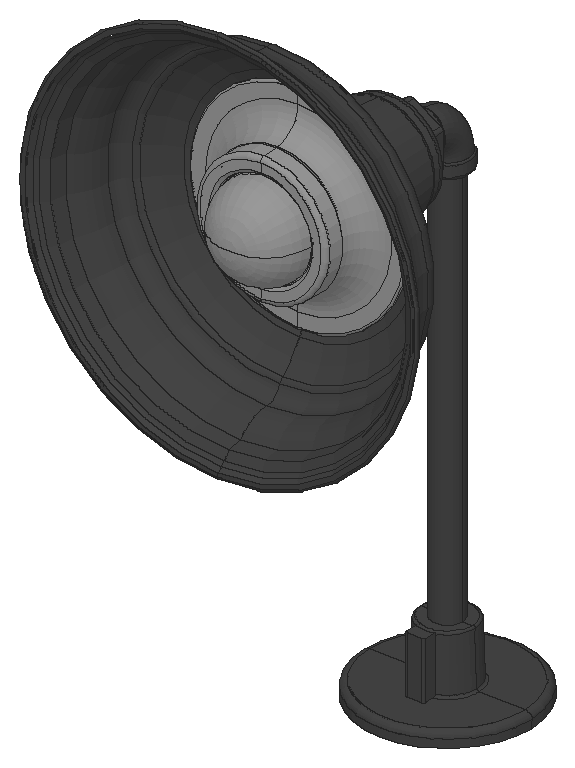
Revit family "BLE-G-WHB-G3-LED", category Lighting Fixtures, host Face, Revit 2022
Family settings
  Host = Face
  Round Connector Dimension = Use Diameter
  Part Type = Normal
  Cut with Voids When Loaded = No
  Light Source = Yes
  Maintain Annotation Orientation = No
  Shared = No
  Room Calculation Point = No
Parameters (values of type "11" Dome")
  Wattage = 5.72229 W
  built-in parameter 1150110 = 1 (stored number, unit not read)
  built-in parameter 1114217 = 1 (stored number, unit not read)
  Tilt Angle = 0.00°
  built-in parameter 1150109 = 1 (stored number, unit not read)
  built-in parameter 1150134 = (empty or 0)
  built-in parameter 1150113 = 1 (stored number, unit not read)
  Heat Sink 9" = no
  Heat Sink 6" = yes
  Heat Sink = 0' - 4 243/256"
  Gooseneck Material = 100 - Black
  Shade Material = 100 - Black
  Photometric Web File = "generic"
  built-in parameter 1150142 = (empty or 0)
  built-in parameter 1150105 = 67.641 (stored number, unit not read)
  Lumens = 850 lm
  built-in parameter 1150115 = 1 (stored number, unit not read)
  built-in parameter 1150137 = (empty or 0)
  built-in parameter 1150139 = (empty or 0)
  built-in parameter 1150112 = 1 (stored number, unit not read)
  built-in parameter 1150114 = 1 (stored number, unit not read)
  built-in parameter 1150132 = 2
  built-in parameter 1150102 = (empty or 0)
  built-in parameter 1150107 = 3000 (stored number, unit not read)
  built-in parameter 1150138 = (empty or 0)
  built-in parameter 1150106 = 0.67641 (stored number, unit not read)
  Flat = no
  built-in parameter 1150104 = 13.8 (stored number, unit not read)
  Dome = yes
  Dimming Lamp Color Temperature Shift = <None>
  Default Elevation = 4' - 0"
  Color Filter = 16777215
  Base Material = 100 - Black
  built-in parameter 1114218 = 1 (stored number, unit not read)
  built-in parameter 1150133 = 10 (stored number, unit not read)
  17" = no
  15" = no
  13" = no
  11" = yes
Reference planes (in)
  plane 1 "Center (Front/Back)": y = 0
  plane 2: z = 0
  plane 3 "Center (Left/Right)": x = 0
Lines and regions (in)
  reference lines
    curve 1: line (0, -4.94922, 19.86275) -> (0, -4.94922, 8.86275)
    curve 2: line (0, 36, 0) -> (0, -37, 0)
    curve 3: line (-38, 0, 0) -> (35, 0, 0)
Dimensions and locks (in)
  "Heat Sink": plane 1 "Center (Front/Back)" to curve 1
  imposter light to host face = 1' - 2.295"
  locked: curve 1 to imposter light at 1
  aligned and locked: plane 2 to host face
  aligned and locked: level to host face
  aligned and locked: plane 3 "Center (Left/Right)" to nested 1
  aligned and locked: plane 1 "Center (Front/Back)" to nested 1
  aligned and locked: nested 4 to imposter light
  aligned and locked: nested 5 to imposter light
  aligned and locked: nested 7 to imposter light
  aligned and locked: nested 3 to imposter light
  aligned and locked: nested 3 to plane 3 "Center (Left/Right)"
  aligned and locked: plane 1 "Center (Front/Back)" to curve 3
  aligned and locked: curve 2 to plane 3 "Center (Left/Right)"
  aligned and locked: imposter light to nested 6
  aligned and locked: plane 3 "Center (Left/Right)" to nested 6
  aligned and locked: nested 8 to imposter light
Automatic sketch dimensions
  host sketch curve to host sketch curve = 8' - 0"  (x2)
  curve 3 to plane 3 "Center (Left/Right)" = 3' - 2"
  plane 3 "Center (Left/Right)" to curve 3 = 2' - 11"
  plane 1 "Center (Front/Back)" to curve 2 = 3' - 1"
  curve 2 to plane 1 "Center (Front/Back)" = 3' - 0"
  level to curve 1 = 0' - 8.86275"
  curve 1 to curve 1 = 0' - 11"
Nested families (in)
  nested 1: "WBP-7501" at (0, 0, 0), type "WBP-7501"
  nested 2: "G3" at (0, 0, 1.975), type "G3"
  nested 3: "WHB Shade" at (0, -1.85818, 14.295) x (0, 0, -1) z (0, -1, 0), type "WHS Shade"
    with 8" no, 6" no, 17" no, 15" no, 13" no
  nested 4: "103264" at (0, -4.94922, 14.295) x (0, 0, -1) z (0, -1, 0), type "103264"
    with Heat Sink 9" no
  nested 5: "ACR-0306" at (0, -6.19926, 14.295) x (1, 0, 0) z (0, -1, 0), type "ACR-0306"
    with Flat no, Dome yes
  nested 6: "RNG-0007" at (0, -6.28036, 14.295) x (0, 0, 1) z (0, -1, 0), type "RNG-0007"
  nested 7: "CPL-0004" at (-0.03035, -1.208, 14.295) x (0, 0, -1) z (0, -1, 0), type "CPL-0004"
  nested 8: "103805" at (0, -4.94922, 14.295) x (0, 0, -1) z (0, -1, 0), type "103805"
Connectors (in)
  electrical at (0, 0, 0)
    settings: index 1, voltage 0 V, apparent load 0 VA, apparent load phase1 0 VA, apparent load phase2 0 VA, apparent load phase3 0 VA, power factor 1, load classification "Other", number of poles 1, system type 31, power factor state 1, is connector primary yes, connector utility no, sub classification motor no, connector description ""
Definition of nested family "WBP-7501"
  Parameters (values of type "WBP-7501")
    Default Elevation = 3' - 0"
    Base Material = none
  Reference planes (in)
    plane 1 "Center (Front/Back)": y = 0
    plane 2: z = 0
    plane 3 "Center (Left/Right)": x = 0
    plane 4 "Base Dia": x = -2.325
    plane 5 "Base Height": z = 0.4
    plane 6 "Fillet Radius": z = 0.225
    plane 7: z = 0.458
    plane 8: x = -0.87
    plane 9: x = -0.81
    plane 10: x = -0.76
    plane 11: z = 1.917
    plane 12: z = 1.975
    plane 13: x = -0.7
    plane 14: x = -0.2595
    plane 15: x = 0.2595
    plane 16: y = -1.135
  Forms (in)
    Extrusion 1, solid
      sketch origin (0, 0, 0) x (1, 0, 0) y (0, 1, 0)
        loop
          line (-48, 48) -> (-48, -48) -> (48, -48) -> (48, 48) -> (-48, 48)
      from 0 to -12
    Revolve 2, solid, material <- "Base Material"
      sketch origin (0, 0, 0) x (1, 0, 0) y (0, 0, 1)
        loop
          line (0, 0) -> (0, 1.975) -> (-0.7, 1.975)
          arc (-0.7, 1.975) -> (-0.74172, 1.95814) -> (-0.76, 1.91702) r 0.06003
          line (-0.76, 1.91702) -> (-0.81, 0.458)
          arc (-0.81, 0.458) -> (-0.82699, 0.41699) -> (-0.868, 0.4) r 0.058
          line (-0.868, 0.4) -> (-2.15, 0.4)
          arc (-2.15, 0.4) -> (-2.27374, 0.34874) -> (-2.325, 0.225) r 0.175
          line (-2.325, 0.225) -> (-2.325, 0) -> (0, 0)
        axis (0, 0) -> (0, 1.975)
      angle from 0 to 360
    Extrusion 3, solid, material <- "Base Material"
      sketch origin (0, 0, 0) x (1, 0, 0) y (0, 1, 0)
        loop
          line (-0.2595, -0.76731) -> (-0.2595, -1.075)
          arc (-0.2595, -1.075) -> (-0.24193, -1.11743) -> (-0.1995, -1.135) r 0.06
          line (-0.1995, -1.135) -> (0.1995, -1.135)
          arc (0.1995, -1.135) -> (0.24193, -1.11743) -> (0.2595, -1.075) r 0.06
          line (0.2595, -1.075) -> (0.2595, -0.76731)
          arc (0.2595, -0.76731) -> (0, -0.81) -> (-0.2595, -0.76731) r 0.81
      from 0 to 1.975
  Cuts and joins
    joined: Revolve 2, Extrusion 3
  Dimensions and locks (in)
    plane 4 "Base Dia" to plane 3 "Center (Left/Right)" = 0' - 2.325"
    locked: plane 5 "Base Height" to Extrusion 1 at 0.4
    locked: plane 3 "Center (Left/Right)" to plane 4 "Base Dia" at 2.325
    locked: plane 5 "Base Height" to plane 6 "Fillet Radius" at 0.175
    locked: plane 3 "Center (Left/Right)" to plane 9 at 0.81
    locked: plane 3 "Center (Left/Right)" to plane 8 at 0.87
    locked: plane 3 "Center (Left/Right)" to plane 10 at 0.76
    locked: plane 3 "Center (Left/Right)" to plane 13 at 0.7
    locked: plane 11 to plane 5 "Base Height" at 1.517
    locked: plane 12 to plane 5 "Base Height" at 1.575
    locked: plane 7 to plane 5 "Base Height" at 0.058
    locked: plane 14 to plane 3 "Center (Left/Right)" at 0.2595
    locked: plane 3 "Center (Left/Right)" to plane 15 at 0.2595
    locked: plane 16 to plane 1 "Center (Front/Back)" at 1.135
    radius of Revolve 2 sketch curve = 0' - 0.175"
    aligned and locked: plane 2 to Extrusion 1
    aligned and locked: level to Extrusion 1
    aligned and locked: Revolve 2 sketch curve to plane 5 "Base Height"
    aligned and locked: plane 9 to Revolve 2 sketch curve
    aligned and locked: plane 3 "Center (Left/Right)" to Revolve 2 sketch curve
    aligned and locked: plane 15 to Extrusion 3 sketch curve
    aligned and locked: Extrusion 3 sketch curve to plane 16
    aligned and locked: Extrusion 3 sketch curve to plane 14
  Automatic sketch dimensions
    Extrusion 1 sketch curve to Extrusion 1 sketch curve = 8' - 0"  (x2)
    Revolve 2 sketch curve to level = 0' - 0"
    Revolve 2 sketch curve to plane 4 "Base Dia" = 0' - 0"
    Revolve 2 sketch curve to plane 7 = 0' - 0"  (x2)
    plane 10 to Revolve 2 sketch curve = 0' - 0"
    Revolve 2 sketch curve to plane 12 = 0' - 0"
    Revolve 2 sketch curve to plane 13 = 0' - 0"
    Revolve 2 sketch curve to plane 3 "Center (Left/Right)" = 0' - 0"
    Revolve 2 sketch curve to Revolve 2 sketch curve = 0' - 0.22742"
    Revolve 2 sketch curve to Revolve 2 sketch curve = 0' - 1.76377"
    plane 1 "Center (Front/Back)" to Extrusion 3 sketch curve = 0' - 0"
    Extrusion 3 sketch curve to plane 3 "Center (Left/Right)" = 0' - 0"
    plane 14 to Extrusion 3 sketch curve = 0' - 0.06"
    Extrusion 3 sketch curve to plane 15 = 0' - 0.06"
    Extrusion 3 sketch curve to Extrusion 3 sketch curve = 0' - 0.30769"
Definition of nested family "G3"
  Parameters (values of type "G3")
    Gooseneck Material = none
    Default Elevation = 2' - 0"
  Types (2): name
    G3
    G1
  Reference planes (in)
    plane 1 "Center (Front/Back)": y = 0
    plane 2: z = 0
    plane 3 "Center (Left/Right)": x = 0
    plane 4 "Wood Height": z = 0
    plane 5: z = 12.32
  Forms (in)
    Extrusion 1, solid
      sketch origin (0, 0, 0) x (1, 0, 0) y (0, 1, 0)
        loop
          line (-48, 48) -> (-48, -48) -> (48, -48) -> (48, 48) -> (-48, 48)
      from 0 to -12
  Dimensions and locks (in)
    aligned and locked: plane 2 to Extrusion 1
    aligned and locked: level to Extrusion 1
    aligned and locked: Extrusion 1 to plane 4 "Wood Height"
    aligned and locked: plane 3 "Center (Left/Right)" to nested 1
    aligned and locked: plane 1 "Center (Front/Back)" to nested 1
    aligned and locked: nested 2 to plane 3 "Center (Left/Right)"
    aligned and locked: nested 2 to plane 1 "Center (Front/Back)"
  Nested families (in)
    nested 1: "GNK-5003" at (0, 0, 0), type "GNK-5003"
    nested 2: "APF-500X" at (0, 0, 11.112) x (-1, 0, 0) z (0, 0, 1), type "APF-500X"
  Definition of nested family "GNK-5003"
    Parameters (values of type "GNK-5003")
      Gooseneck Material = none
      Default Elevation = 2' - 0"
    Reference planes (in)
      plane 1 "Center (Front/Back)": y = 0
      plane 2: z = 0
      plane 3 "Center (Left/Right)": x = 0
      plane 4 "Wood Height": z = 0
      plane 5: y = 0.42
      plane 6: z = 11.112
    Forms (in)
      Extrusion 1, solid
        sketch origin (0, 0, 0) x (1, 0, 0) y (0, 1, 0)
          loop
            line (-48, 48) -> (-48, -48) -> (48, -48) -> (48, 48) -> (-48, 48)
        from 0 to -12
      Extrusion 2, solid, material <- "Gooseneck Material"
        sketch origin (0, 0, 0) x (1, 0, 0) y (0, 1, 0)
          loop
            circle (0, 0) r 0.42
        from 0 to 11.112
    Dimensions and locks (in)
      plane 5 to plane 1 "Center (Front/Back)" = 0' - 0.42"  (x2)
      plane 6 to Extrusion 1 = 0' - 11.112"
      aligned and locked: plane 2 to Extrusion 1
      aligned and locked: level to Extrusion 1
      aligned and locked: Extrusion 1 to plane 4 "Wood Height"
      aligned and locked: plane 6 to Extrusion 2
      aligned and locked: Extrusion 2 to Extrusion 1
  Definition of nested family "APF-500X"
    Parameters (values of type "APF-500X")
      Gooseneck Material = none
      Default Elevation = 2' - 0"
    Reference planes (in)
      plane 1 "Center (Front/Back)": y = 0
      plane 2: z = 0
      plane 3 "Center (Left/Right)": x = 0
      plane 4: z = 0.375
      plane 5: y = 0.625
      plane 6: y = 0.833
      plane 7: y = 1.208
      plane 8: z = 1.208
      plane 9: z = 0.583
      plane 10: y = 0.5625
    Forms (in)
      Extrusion 1, solid
        sketch origin (0, 0, 0) x (1, 0, 0) y (0, 1, 0)
          loop
            line (-48, 48) -> (-48, -48) -> (48, -48) -> (48, 48) -> (-48, 48)
        from 0 to -12
      Revolve 2, solid, material <- "Gooseneck Material"
        sketch origin (0, 0, 0) x (0, 1, 0) y (0, 0, 1)
          loop
            line (0, 0.375) -> (0, 0) -> (0.585, 0)
            arc (0.585, 0) -> (0.61328, 0.01172) -> (0.625, 0.04) r 0.04
            line (0.625, 0.04) -> (0.625, 0.335)
            arc (0.625, 0.335) -> (0.61328, 0.36328) -> (0.585, 0.375) r 0.04
            line (0.585, 0.375) -> (0, 0.375)
          axis (0, 0.375) -> (0, 0)
        angle from 0 to 360
      Revolve 3, solid, material <- "Gooseneck Material"
        sketch origin (0, 0, 0) x (0, 1, 0) y (0, 0, 1)
          loop
            line (0.833, 1.208) -> (0.833, 0.623)
            arc (0.833, 0.623) -> (0.84472, 0.59472) -> (0.873, 0.583) r 0.04
            line (0.873, 0.583) -> (1.168, 0.583)
            arc (1.168, 0.583) -> (1.19628, 0.59472) -> (1.208, 0.623) r 0.04
            line (1.208, 0.623) -> (1.208, 1.208) -> (0.833, 1.208)
          axis (1.208, 1.208) -> (0.833, 1.208)
        angle from 0 to 360
      Sweep 4, solid, material <- "Gooseneck Material"
        path origin (0, 0, 0) x (0, 1, 0) y (0, 0, 1)
          loop
            line (0, 0) -> (0, 0.375)
            arc (0, 0.375) -> (0.24398, 0.96402) -> (0.833, 1.208) r 0.833
            line (0.833, 1.208) -> (1.208, 1.208)
        profile origin (0, 0, 0.1875) x (0, -1, 0) y (1, 0, 0)
          loop
            circle (0, 0) r 0.5625
    Cuts and joins
      joined: Revolve 2, Revolve 3, Sweep 4
    Dimensions and locks (in)
      plane 5 to plane 1 "Center (Front/Back)" = 0' - 0 5/8"
      plane 4 to Extrusion 1 = 0' - 0 3/8"
      locked: plane 7 to plane 6 at 0.375
      locked: plane 6 to plane 1 "Center (Front/Back)" at 0.833
      plane 8 to plane 4 = 0' - 0.833"
      locked: plane 8 to plane 9 at 0.625
      locked: plane 10 to plane 1 "Center (Front/Back)" at 0.5625
      radius of Revolve 3 sketch curve = 0' - 0.04"
      aligned and locked: plane 2 to Extrusion 1
      aligned and locked: level to Extrusion 1
      aligned and locked: plane 1 "Center (Front/Back)" to Revolve 2 sketch curve
      aligned and locked: plane 8 to Revolve 3 sketch curve
    Automatic sketch dimensions
      Extrusion 1 sketch curve to Extrusion 1 sketch curve = 8' - 0"  (x2)
      Revolve 2 sketch curve to plane 1 "Center (Front/Back)" = 0' - 0"
      Revolve 2 sketch curve to level = 0' - 0"
      Revolve 2 sketch curve to plane 4 = 0' - 0"
      Revolve 2 sketch curve to plane 5 = 0' - 0"
      plane 5 to Revolve 2 sketch curve = 0' - 0.04"
      Revolve 2 sketch curve to Revolve 2 sketch curve = 0' - 0.04"
      Revolve 2 sketch curve to level = 0' - 0.2686"
      plane 4 to Revolve 2 sketch curve = 0' - 0 1/4"
      Revolve 3 sketch curve to plane 5 = 0' - 0"
      Revolve 3 sketch curve to plane 6 = 0' - 0"
      Revolve 3 sketch curve to plane 9 = 0' - 0"
      Revolve 3 sketch curve to plane 7 = 0' - 0"
      Revolve 3 sketch curve to plane 8 = 0' - 0"
      plane 7 to Revolve 3 sketch curve = 0' - 0.04"
      Revolve 3 sketch curve to Revolve 3 sketch curve = 0' - 0.18003"
      Sweep 4 sketch curve to plane 6 = 0' - 0"
      Sweep 4 sketch curve to plane 7 = 0' - 0"
      Sweep 4 sketch curve to level = 0' - 0"
      Sweep 4 sketch curve to plane 4 = 0' - 0"
      Sweep 4 sketch curve to plane 8 = 0' - 0"
      Sweep 4 sketch curve to plane 3 "Center (Left/Right)" = 0' - 0"
      Sweep 4 sketch curve to profile plane = 0' - 0"
      radius of Sweep 4 sketch curve = 0' - 0 9/16"
Definition of nested family "WHB Shade"
  Parameters (values of type "WHB Shade")
    Shade Material = none
    Default Elevation = 2' - 0"
    17" = yes
    15" = yes
    13" = yes
    11" = yes
    8" = yes
    6" = yes
  Reference planes (in)
    plane 1 "Center (Front/Back)": y = 0
    plane 2: z = 0
    plane 3 "Center (Left/Right)": x = 0
  Forms (in)
    Extrusion 1, solid
      sketch origin (0, 0, 0) x (1, 0, 0) y (0, 1, 0)
        loop
          line (-48, 48) -> (-48, -48) -> (48, -48) -> (48, 48) -> (-48, 48)
      from 0 to -12
  Dimensions and locks (in)
    aligned and locked: plane 2 to Extrusion 1
    aligned and locked: level to Extrusion 1
    aligned and locked: plane 1 "Center (Front/Back)" to nested 1
    aligned and locked: plane 3 "Center (Left/Right)" to nested 1
    aligned and locked: plane 3 "Center (Left/Right)" to nested 2
    aligned and locked: plane 1 "Center (Front/Back)" to nested 2
    aligned and locked: plane 1 "Center (Front/Back)" to nested 3
    aligned and locked: plane 3 "Center (Left/Right)" to nested 3
    aligned and locked: plane 3 "Center (Left/Right)" to nested 4
    aligned and locked: plane 1 "Center (Front/Back)" to nested 4
    aligned and locked: plane 1 "Center (Front/Back)" to nested 5
    aligned and locked: plane 3 "Center (Left/Right)" to nested 5
    aligned and locked: plane 3 "Center (Left/Right)" to nested 6
    aligned and locked: plane 1 "Center (Front/Back)" to nested 6
  Nested families (in)
    nested 1: "SHD-0073" at (0, 0, 0), visible <- "6"", type "SHD-0073"
    nested 2: "SHD-0074" at (0, 0, 0), visible <- "8"", type "SHD-0074"
    nested 3: "SHD-0019" at (0, 0, 0), visible <- "11"", type "SHD-0019"
    nested 4: "SHD-0020" at (0, 0, 0), visible <- "13"", type "SHD-0020"
    nested 5: "SHD-0022" at (0, 0, 0), visible <- "17"", type "SHD-0022"
    nested 6: "SHD-0021" at (0, 0, 0), visible <- "15"", type "SHD-0021"
  Definition of nested family "SHD-0073"
    Parameters (values of type "SHD-0073")
      Shade Material = none
      Default Elevation = 2' - 0"
    Reference planes (in)
      plane 1 "Center (Front/Back)": y = 0
      plane 2: z = 0
      plane 3 "Center (Left/Right)": x = 0
    Forms (in)
      Extrusion 1, solid
        sketch origin (0.09263, 0, 0.02324) x (1, 0, 0) y (0, 1, 0)
          loop
            line (-48, 48) -> (-48, -48) -> (48, -48) -> (48, 48) -> (-48, 48)
        from -0.02324 to -12
      Revolve 2, solid, material <- "Shade Material"
        sketch origin (0, 0, 0) x (1, 0, 0) y (0, 0, 1)
          loop
            line (0, 0.03906) -> (-0.87579, 0.03906)
            arc (-0.87579, 0.03906) -> (-0.93447, 0.06284) -> (-0.96005, 0.12076) r 0.0843
            line (-0.96005, 0.12076) -> (-0.98861, 1.04523)
            arc (-0.98861, 1.04523) -> (-1.01951, 1.13722) -> (-1.09617, 1.19672) r 0.16785
            arc (-1.09617, 1.19672) -> (-1.12932, 1.21983) -> (-1.14792, 1.25572) r 0.08435
            line (-1.14792, 1.25572) -> (-1.30194, 1.8953)
            arc (-1.30194, 1.8953) -> (-1.55722, 2.3583) -> (-2.01293, 2.62636) r 0.99978
            arc (-2.01293, 2.62636) -> (-2.33316, 2.81372) -> (-2.51458, 3.13736) r 0.70762
            line (-2.51458, 3.13736) -> (-2.88606, 4.61912)
            arc (-2.88606, 4.61912) -> (-2.89984, 4.6509) -> (-2.9231, 4.67657) r 0.10636
            arc (-2.9231, 4.67657) -> (-2.93679, 4.69272) -> (-2.94325, 4.71288) r 0.05416
            line (-2.94325, 4.71288) -> (-2.95995, 4.8599) -> (-2.99926, 4.8599) -> (-2.98018, 4.69189)
            arc (-2.98018, 4.69189) -> (-2.97181, 4.6682) -> (-2.95392, 4.65055) r 0.05598
            arc (-2.95392, 4.65055) -> (-2.93493, 4.63302) -> (-2.92395, 4.60962) r 0.0673
            line (-2.92395, 4.60962) -> (-2.55247, 3.12786)
            arc (-2.55247, 3.12786) -> (-2.36104, 2.78636) -> (-2.02313, 2.58865) r 0.74668
            arc (-2.02313, 2.58865) -> (-1.58522, 2.33106) -> (-1.33991, 1.88616) r 0.96072
            line (-1.33991, 1.88616) -> (-1.1859, 1.24657)
            arc (-1.1859, 1.24657) -> (-1.15869, 1.19407) -> (-1.11018, 1.16026) r 0.12341
            arc (-1.11018, 1.16026) -> (-1.05137, 1.1146) -> (-1.02765, 1.04402) r 0.12878
            line (-1.02765, 1.04402) -> (-0.99909, 0.11955)
            arc (-0.99909, 0.11955) -> (-0.96166, 0.0348) -> (-0.87579, 0) r 0.12336
            line (-0.87579, 0) -> (0, 0) -> (0, 0.03906)
          axis (0, 4.8599) -> (0, 0)
        angle from 0 to 360
    Dimensions and locks (in)
      aligned and locked: plane 2 to Extrusion 1
      aligned and locked: level to Extrusion 1
    Automatic sketch dimensions
      Extrusion 1 sketch curve to Extrusion 1 sketch curve = 8' - 0"  (x2)
      Revolve 2 sketch curve to Revolve 2 sketch curve = 0' - 0"  (x12)
      Revolve 2 sketch curve to level = 0' - 0"
      Revolve 2 sketch curve to plane 3 "Center (Left/Right)" = 0' - 0"  (x2)
      level to Revolve 2 sketch curve = 0' - 0.12336"
      Revolve 2 sketch curve to plane 3 "Center (Left/Right)" = 0' - 0.87579"
      level to Revolve 2 sketch curve = 0' - 0.12076"
      Revolve 2 sketch curve to Revolve 2 sketch curve = 0' - 0.08426"
      Revolve 2 sketch curve to Revolve 2 sketch curve = 0' - 0.02856"
      level to Revolve 2 sketch curve = 0' - 0.11955"
      Revolve 2 sketch curve to Revolve 2 sketch curve = 0' - 0 5/128"
      Revolve 2 sketch curve to Revolve 2 sketch curve = 0' - 0.03827"
      Revolve 2 sketch curve to Revolve 2 sketch curve = 0' - 0.08201"
      Revolve 2 sketch curve to Revolve 2 sketch curve = 0' - 0.12872"
      Revolve 2 sketch curve to Revolve 2 sketch curve = 0' - 0.03798"  (x2)
      Revolve 2 sketch curve to Revolve 2 sketch curve = 0' - 0.15401"
      Revolve 2 sketch curve to Revolve 2 sketch curve = 0' - 0 125/256"
      Revolve 2 sketch curve to Revolve 2 sketch curve = 0' - 0.93402"
      Revolve 2 sketch curve to Revolve 2 sketch curve = 0' - 0.68638"
      Revolve 2 sketch curve to Revolve 2 sketch curve = 0' - 0.03789"  (x2)
      Revolve 2 sketch curve to Revolve 2 sketch curve = 0' - 0.37148"
      Revolve 2 sketch curve to Revolve 2 sketch curve = 0' - 0.00338"
      Revolve 2 sketch curve to Revolve 2 sketch curve = 0' - 0.03513"
      Revolve 2 sketch curve to Revolve 2 sketch curve = 0' - 0.01869"
      Revolve 2 sketch curve to Revolve 2 sketch curve = 0' - 0.03693"
      Revolve 2 sketch curve to Revolve 2 sketch curve = 0' - 0.06528"
      Revolve 2 sketch curve to Revolve 2 sketch curve = 0' - 0.05601"
      Revolve 2 sketch curve to Revolve 2 sketch curve = 0' - 0.00121"
      Revolve 2 sketch curve to Revolve 2 sketch curve = 0' - 0.20652"
      Revolve 2 sketch curve to Revolve 2 sketch curve = 0' - 0.00914"  (x2)
      Revolve 2 sketch curve to Revolve 2 sketch curve = 0' - 0.01975"
      Revolve 2 sketch curve to Revolve 2 sketch curve = 0' - 1.46662"
      Revolve 2 sketch curve to Revolve 2 sketch curve = 0' - 0.0095"  (x2)
      Revolve 2 sketch curve to Revolve 2 sketch curve = 0' - 0.17208"
      Revolve 2 sketch curve to Revolve 2 sketch curve = 0' - 0.09863"
      Revolve 2 sketch curve to Revolve 2 sketch curve = 0' - 0.00632"
      Revolve 2 sketch curve to Revolve 2 sketch curve = 0' - 0.01467"
      Revolve 2 sketch curve to Revolve 2 sketch curve = 0' - 0.02078"
      Revolve 2 sketch curve to Revolve 2 sketch curve = 0' - 0.68038"
      Revolve 2 sketch curve to Revolve 2 sketch curve = 0' - 0.3547"
  Definition of nested family "SHD-0074"
    Parameters (values of type "SHD-0074")
      Shade Material = none
      Default Elevation = 2' - 0"
    Reference planes (in)
      plane 1 "Center (Front/Back)": y = 0
      plane 2: z = 0
      plane 3 "Center (Left/Right)": x = 0
    Forms (in)
      Extrusion 1, solid
        sketch origin (0.09263, 0, 0.02324) x (1, 0, 0) y (0, 1, 0)
          loop
            line (-48, 48) -> (-48, -48) -> (48, -48) -> (48, 48) -> (-48, 48)
        from -0.02324 to -12
      Revolve 2, solid, material <- "Shade Material"
        sketch origin (0, 0, 0) x (1, 0, 0) y (0, 0, 1)
          loop
            line (0, 0) -> (0, 0.03906) -> (-1.14807, 0.03906)
            arc (-1.14807, 0.03906) -> (-1.2741, 0.09017) -> (-1.32894, 0.21462) r 0.18095
            line (-1.32894, 0.21462) -> (-1.3651, 1.42566)
            arc (-1.3651, 1.42566) -> (-1.39345, 1.51093) -> (-1.46402, 1.56657) r 0.15656
            arc (-1.46402, 1.56657) -> (-1.53401, 1.61608) -> (-1.57335, 1.69225) r 0.18097
            line (-1.57335, 1.69225) -> (-1.77626, 2.52967)
            arc (-1.77626, 2.52967) -> (-2.09487, 3.10739) -> (-2.66269, 3.44334) r 1.25363
            arc (-2.66269, 3.44334) -> (-3.11575, 3.71011) -> (-3.37255, 4.1689) r 1.00681
            line (-3.37255, 4.1689) -> (-3.85994, 6.109)
            arc (-3.85994, 6.109) -> (-3.87317, 6.13828) -> (-3.8958, 6.16109) r 0.09052
            arc (-3.8958, 6.16109) -> (-3.92393, 6.19141) -> (-3.93708, 6.23062) r 0.09827
            line (-3.93708, 6.23062) -> (-3.96079, 6.44195) -> (-4.0001, 6.44195) -> (-3.9759, 6.22627)
            arc (-3.9759, 6.22627) -> (-3.95752, 6.17147) -> (-3.91821, 6.12909) r 0.13733
            arc (-3.91821, 6.12909) -> (-3.90535, 6.11612) -> (-3.89782, 6.09948) r 0.05146
            line (-3.89782, 6.09948) -> (-3.41044, 4.15939)
            arc (-3.41044, 4.15939) -> (-3.14367, 3.6828) -> (-2.67303, 3.40567) r 1.04587
            arc (-2.67303, 3.40567) -> (-2.12291, 3.08019) -> (-1.81423, 2.52047) r 1.21457
            line (-1.81423, 2.52047) -> (-1.61132, 1.68305)
            arc (-1.61132, 1.68305) -> (-1.56348, 1.59044) -> (-1.47839, 1.53025) r 0.22003
            arc (-1.47839, 1.53025) -> (-1.42543, 1.48849) -> (-1.40415, 1.42449) r 0.1175
            line (-1.40415, 1.42449) -> (-1.36798, 0.21345)
            arc (-1.36798, 0.21345) -> (-1.3013, 0.06214) -> (-1.14807, 0) r 0.22002
            line (-1.14807, 0) -> (0, 0)
          axis (0, 6.44195) -> (0, 0)
        angle from 0 to 360
    Dimensions and locks (in)
      aligned and locked: plane 2 to Extrusion 1
      aligned and locked: level to Extrusion 1
    Automatic sketch dimensions
      Extrusion 1 sketch curve to Extrusion 1 sketch curve = 8' - 0"  (x2)
      Revolve 2 sketch curve to Revolve 2 sketch curve = 0' - 0"  (x14)
      Revolve 2 sketch curve to level = 0' - 0"
      Revolve 2 sketch curve to plane 3 "Center (Left/Right)" = 0' - 0"  (x2)
      Revolve 2 sketch curve to plane 3 "Center (Left/Right)" = 0' - 1.14807"
      level to Revolve 2 sketch curve = 0' - 0.21462"
      Revolve 2 sketch curve to Revolve 2 sketch curve = 0' - 0.18087"
      Revolve 2 sketch curve to Revolve 2 sketch curve = 0' - 0.03617"
      level to Revolve 2 sketch curve = 0' - 0.21345"
      Revolve 2 sketch curve to Revolve 2 sketch curve = 0' - 0 5/128"  (x2)
      Revolve 2 sketch curve to Revolve 2 sketch curve = 0' - 0.03237"
      Revolve 2 sketch curve to Revolve 2 sketch curve = 0' - 0.11745"
      Revolve 2 sketch curve to Revolve 2 sketch curve = 0' - 0.17588"
      Revolve 2 sketch curve to Revolve 2 sketch curve = 0' - 0.03796"  (x2)
      Revolve 2 sketch curve to Revolve 2 sketch curve = 0' - 0.20291"
      Revolve 2 sketch curve to Revolve 2 sketch curve = 0' - 0.58186"
      Revolve 2 sketch curve to Revolve 2 sketch curve = 0' - 1.18041"
      Revolve 2 sketch curve to Revolve 2 sketch curve = 0' - 0.97647"
      Revolve 2 sketch curve to Revolve 2 sketch curve = 0' - 0.03789"  (x2)
      Revolve 2 sketch curve to Revolve 2 sketch curve = 0' - 0.46688"
      Revolve 2 sketch curve to Revolve 2 sketch curve = 0' - 0.02051"
      Revolve 2 sketch curve to Revolve 2 sketch curve = 0' - 0 25/256"
      Revolve 2 sketch curve to Revolve 2 sketch curve = 0' - 0.04991"
      Revolve 2 sketch curve to Revolve 2 sketch curve = 0' - 0.03882"
      Revolve 2 sketch curve to Revolve 2 sketch curve = 0' - 0.02419"
      Revolve 2 sketch curve to Revolve 2 sketch curve = 0' - 0.00117"
      Revolve 2 sketch curve to Revolve 2 sketch curve = 0' - 0.26206"
      Revolve 2 sketch curve to Revolve 2 sketch curve = 0' - 0.0092"  (x2)
      Revolve 2 sketch curve to Revolve 2 sketch curve = 0' - 0.04262"
      Revolve 2 sketch curve to Revolve 2 sketch curve = 0' - 1.92493"
      Revolve 2 sketch curve to Revolve 2 sketch curve = 0' - 0.00952"  (x2)
      Revolve 2 sketch curve to Revolve 2 sketch curve = 0' - 0.2453"
      Revolve 2 sketch curve to Revolve 2 sketch curve = 0' - 0.13933"
      Revolve 2 sketch curve to Revolve 2 sketch curve = 0' - 0.00435"
      Revolve 2 sketch curve to Revolve 2 sketch curve = 0' - 0.01095"
      Revolve 2 sketch curve to Revolve 2 sketch curve = 0' - 0.21568"
      Revolve 2 sketch curve to Revolve 2 sketch curve = 0' - 0.03931"
      Revolve 2 sketch curve to Revolve 2 sketch curve = 0' - 0.68038"
      Revolve 2 sketch curve to Revolve 2 sketch curve = 0' - 0.51514"
  Definition of nested family "SHD-0019"
    Parameters (values of type "SHD-0019")
      Shade Material = none
      Default Elevation = 2' - 0"
    Reference planes (in)
      plane 1 "Center (Front/Back)": y = 0
      plane 2: z = 0
      plane 3 "Center (Left/Right)": x = 0
    Forms (in)
      Extrusion 1, solid
        sketch origin (0.09263, 0, 0.02324) x (1, 0, 0) y (0, 1, 0)
          loop
            line (-48, 48) -> (-48, -48) -> (48, -48) -> (48, 48) -> (-48, 48)
        from -0.02324 to -12
      Revolve 2, solid, material <- "Shade Material"
        sketch origin (0, 0, 0) x (1, 0, 0) y (0, 0, 1)
          loop
            line (0, 0) -> (0, 0.03906) -> (-1.25514, 0.03906)
            arc (-1.25514, 0.03906) -> (-1.35614, 0.0809) -> (-1.39797, 0.1819) r 0.14284
            line (-1.39797, 0.1819) -> (-1.39797, 0.40436)
            arc (-1.39797, 0.40436) -> (-1.40946, 0.44193) -> (-1.43999, 0.46665) r 0.06717
            arc (-1.43999, 0.46665) -> (-1.46357, 0.48473) -> (-1.47446, 0.51238) r 0.05558
            line (-1.47446, 0.51238) -> (-1.65246, 2.20592)
            arc (-1.65246, 2.20592) -> (-1.81497, 2.52488) -> (-2.14916, 2.65316) r 0.49944
            line (-2.14916, 2.65316) -> (-2.24649, 2.65316)
            arc (-2.24649, 2.65316) -> (-2.31667, 2.67482) -> (-2.36287, 2.73191) r 0.12605
            arc (-2.36287, 2.73191) -> (-2.52975, 2.94415) -> (-2.78418, 3.03449) r 0.48568
            arc (-2.78418, 3.03449) -> (-2.86526, 3.04814) -> (-2.94157, 3.07874) r 0.38387
            line (-2.94157, 3.07874) -> (-3.22069, 3.22715)
            arc (-3.22069, 3.22715) -> (-3.61341, 3.48929) -> (-3.9463, 3.82416) r 2.36749
            arc (-3.9463, 3.82416) -> (-4.00593, 3.87819) -> (-4.079, 3.91189) r 0.26567
            arc (-4.079, 3.91189) -> (-4.32022, 4.07818) -> (-4.41249, 4.35625) r 0.46094
            arc (-4.41249, 4.35625) -> (-4.52362, 4.86613) -> (-4.83937, 5.28163) r 1.20855
            line (-4.83937, 5.28163) -> (-4.92424, 5.68987) -> (-5.13707, 5.82286)
            arc (-5.13707, 5.82286) -> (-5.1902, 5.86363) -> (-5.23456, 5.91381) r 0.34908
            line (-5.23456, 5.91381) -> (-5.32729, 6.04153) -> (-5.45509, 6.04153)
            arc (-5.45509, 6.04153) -> (-5.50157, 5.99506) -> (-5.45509, 5.94858) r 0.04648
            line (-5.45509, 5.94858) -> (-5.3113, 5.94858) -> (-5.26576, 5.89029)
            arc (-5.26576, 5.89029) -> (-5.21658, 5.83483) -> (-5.15777, 5.78973) r 0.38814
            line (-5.15777, 5.78973) -> (-4.95909, 5.66558) -> (-4.87486, 5.2604)
            arc (-4.87486, 5.2604) -> (-4.5619, 4.85582) -> (-4.45155, 4.35637) r 1.16949
            arc (-4.45155, 4.35637) -> (-4.35146, 4.05473) -> (-4.0898, 3.87435) r 0.5
            arc (-4.0898, 3.87435) -> (-4.02747, 3.8456) -> (-3.97662, 3.79952) r 0.22661
            arc (-3.97662, 3.79952) -> (-3.63823, 3.45913) -> (-3.23903, 3.19266) r 2.40656
            line (-3.23903, 3.19266) -> (-2.95991, 3.04425)
            arc (-2.95991, 3.04425) -> (-2.87583, 3.01053) -> (-2.7865, 2.99549) r 0.42293
            arc (-2.7865, 2.99549) -> (-2.55253, 2.91243) -> (-2.39908, 2.71725) r 0.44662
            arc (-2.39908, 2.71725) -> (-2.33853, 2.64244) -> (-2.24656, 2.6141) r 0.16512
            line (-2.24656, 2.6141) -> (-2.14916, 2.6141)
            arc (-2.14916, 2.6141) -> (-1.84111, 2.49585) -> (-1.6913, 2.20184) r 0.46038
            line (-1.6913, 2.20184) -> (-1.51331, 0.50829)
            arc (-1.51331, 0.50829) -> (-1.49476, 0.46122) -> (-1.45462, 0.43043) r 0.09464
            arc (-1.45462, 0.43043) -> (-1.44184, 0.42008) -> (-1.43704, 0.40436) r 0.02811
            line (-1.43704, 0.40436) -> (-1.43704, 0.1819)
            arc (-1.43704, 0.1819) -> (-1.38376, 0.05328) -> (-1.25514, 0) r 0.1819
            line (-1.25514, 0) -> (0, 0)
          axis (0, 6.04153) -> (0, 0)
        angle from 0 to 360
    Dimensions and locks (in)
      aligned and locked: plane 2 to Extrusion 1
      aligned and locked: level to Extrusion 1
    Automatic sketch dimensions
      Extrusion 1 sketch curve to Extrusion 1 sketch curve = 8' - 0"  (x2)
      Revolve 2 sketch curve to Revolve 2 sketch curve = 0' - 0"  (x30)
      Revolve 2 sketch curve to level = 0' - 0"
      Revolve 2 sketch curve to plane 3 "Center (Left/Right)" = 0' - 0"  (x2)
      Revolve 2 sketch curve to plane 3 "Center (Left/Right)" = 0' - 1.25514"
      Revolve 2 sketch curve to Revolve 2 sketch curve = 0' - 0.14284"
      Revolve 2 sketch curve to Revolve 2 sketch curve = 0' - 0.02121"
      Revolve 2 sketch curve to Revolve 2 sketch curve = 0' - 0 5/128"
      Revolve 2 sketch curve to Revolve 2 sketch curve = 0' - 0.02811"
      level to Revolve 2 sketch curve = 0' - 0.51238"
      Revolve 2 sketch curve to Revolve 2 sketch curve = 0' - 0.05528"
      level to Revolve 2 sketch curve = 0' - 0.50829"
      Revolve 2 sketch curve to Revolve 2 sketch curve = 0' - 0.03885"  (x2)
      Revolve 2 sketch curve to plane 3 "Center (Left/Right)" = 0' - 1.65246"
      Revolve 2 sketch curve to plane 3 "Center (Left/Right)" = 0' - 2.10922"
      Revolve 2 sketch curve to Revolve 2 sketch curve = 0' - 0.45786"
      Revolve 2 sketch curve to Revolve 2 sketch curve = 0' - 0.09686"
      Revolve 2 sketch curve to Revolve 2 sketch curve = 0' - 0.09733"
      Revolve 2 sketch curve to Revolve 2 sketch curve = 0' - 0.00007"
      Revolve 2 sketch curve to Revolve 2 sketch curve = 0' - 0.51533"
      Revolve 2 sketch curve to Revolve 2 sketch curve = 0' - 0.5665"
      Revolve 2 sketch curve to Revolve 2 sketch curve = 0' - 0.18022"
      Revolve 2 sketch curve to Revolve 2 sketch curve = 0' - 0.01834"  (x2)
      Revolve 2 sketch curve to Revolve 2 sketch curve = 0' - 0.27912"
      Revolve 2 sketch curve to Revolve 2 sketch curve = 0' - 0.73086"
      Revolve 2 sketch curve to Revolve 2 sketch curve = 0' - 0.2009"
      Revolve 2 sketch curve to Revolve 2 sketch curve = 0' - 0.88782"
      Revolve 2 sketch curve to Revolve 2 sketch curve = 0' - 0.03549"
      Revolve 2 sketch curve to Revolve 2 sketch curve = 0' - 0.08486"
      Revolve 2 sketch curve to Revolve 2 sketch curve = 0' - 0.02785"
      Revolve 2 sketch curve to Revolve 2 sketch curve = 0' - 0.03485"
      Revolve 2 sketch curve to Revolve 2 sketch curve = 0' - 0.17798"
      Revolve 2 sketch curve to Revolve 2 sketch curve = 0' - 0.0207"
      Revolve 2 sketch curve to Revolve 2 sketch curve = 0' - 0.0975"
      Revolve 2 sketch curve to Revolve 2 sketch curve = 0' - 0.03119"
      Revolve 2 sketch curve to Revolve 2 sketch curve = 0' - 0.04554"
      Revolve 2 sketch curve to Revolve 2 sketch curve = 0' - 0.14379"
      Revolve 2 sketch curve to Revolve 2 sketch curve = 0' - 0.74618"
      Revolve 2 sketch curve to Revolve 2 sketch curve = 0' - 0.10801"
      Revolve 2 sketch curve to Revolve 2 sketch curve = 0' - 0.00581"
      Revolve 2 sketch curve to Revolve 2 sketch curve = 0' - 0.00408"
      Revolve 2 sketch curve to Revolve 2 sketch curve = 0' - 0.06443"
      Revolve 2 sketch curve to Revolve 2 sketch curve = 0' - 0.12605"
      Revolve 2 sketch curve to Revolve 2 sketch curve = 0' - 0.49458"
      Revolve 2 sketch curve to Revolve 2 sketch curve = 0' - 0.03449"  (x2)
      Revolve 2 sketch curve to Revolve 2 sketch curve = 0' - 0.14841"
      Revolve 2 sketch curve to Revolve 2 sketch curve = 0' - 0.46392"
      Revolve 2 sketch curve to Revolve 2 sketch curve = 0' - 0.69828"
      Revolve 2 sketch curve to Revolve 2 sketch curve = 0' - 0.70331"
      Revolve 2 sketch curve to Revolve 2 sketch curve = 0' - 0.90051"
      Revolve 2 sketch curve to Revolve 2 sketch curve = 0' - 0.02122"
      Revolve 2 sketch curve to Revolve 2 sketch curve = 0' - 1.89985"
      Revolve 2 sketch curve to Revolve 2 sketch curve = 0' - 0.38395"
      Revolve 2 sketch curve to Revolve 2 sketch curve = 0' - 0.02429"
      Revolve 2 sketch curve to Revolve 2 sketch curve = 0' - 0.12415"
      Revolve 2 sketch curve to Revolve 2 sketch curve = 0' - 0.03313"
      Revolve 2 sketch curve to Revolve 2 sketch curve = 0' - 0.05829"
      Revolve 2 sketch curve to Revolve 2 sketch curve = 0' - 0.04648"
      Revolve 2 sketch curve to Revolve 2 sketch curve = 0' - 0.01599"
      Revolve 2 sketch curve to Revolve 2 sketch curve = 0' - 0.68038"
      Revolve 2 sketch curve to Revolve 2 sketch curve = 0' - 1.53056"
  Definition of nested family "SHD-0020"
    Parameters (values of type "SHD-0020")
      Shade Material = none
      Default Elevation = 2' - 0"
    Reference planes (in)
      plane 1 "Center (Front/Back)": y = 0
      plane 2: z = 0
      plane 3 "Center (Left/Right)": x = 0
      plane 4: x = -1.27876
      plane 5: z = 0.137
      plane 6: x = -1.44076
      plane 7: x = -1.46776
      plane 8: z = 0.294
      plane 9: x = -1.48176
      plane 10: z = 0.311
      plane 11: z = 0.395
      plane 12: x = -1.54476
      plane 13: z = 2.088
      plane 14: x = -1.72276
      plane 15: z = 2.5
      plane 16: x = -2.18076
      plane 17: z = 2.608
      plane 18: x = -2.43176
      plane 19: x = -2.82376
      plane 20: z = 2.873
      plane 21: z = 2.895
      plane 22: x = -2.87876
      plane 23: z = 2.954
      plane 24: x = -2.95276
      plane 25: z = 3.023
      plane 26: x = -3.10676
      plane 27: x = -2.27776
    Forms (in)
      Extrusion 1, solid
        sketch origin (0.09263, 0, 0.02324) x (1, 0, 0) y (0, 1, 0)
          loop
            line (-48, 48) -> (-48, -48) -> (48, -48) -> (48, 48) -> (-48, 48)
        from -0.02324 to -12
      Revolve 2, solid, material <- "Shade Material"
        sketch origin (0, 0, 0) x (1, 0, 0) y (0, 0, 1)
          loop
            line (0, 0) -> (0, 0.03906) -> (-1.2768, 0.03906)
            arc (-1.2768, 0.03906) -> (-1.35899, 0.06907) -> (-1.4025, 0.14499) r 0.12754
            line (-1.4025, 0.14499) -> (-1.42739, 0.28969)
            arc (-1.42739, 0.28969) -> (-1.44233, 0.32466) -> (-1.47142, 0.34916) r 0.08217
            arc (-1.47142, 0.34916) -> (-1.49504, 0.36972) -> (-1.50591, 0.39908) r 0.06331
            line (-1.50591, 0.39908) -> (-1.68358, 2.08888)
            arc (-1.68358, 2.08888) -> (-1.84717, 2.40993) -> (-2.18358, 2.53906) r 0.50276
            line (-2.18358, 2.53906) -> (-2.27776, 2.53906)
            arc (-2.27776, 2.53906) -> (-2.34786, 2.56062) -> (-2.39372, 2.61784) r 0.12473
            arc (-2.39372, 2.61784) -> (-2.41079, 2.65638) -> (-2.43086, 2.69346) r 0.53263
            arc (-2.43086, 2.69346) -> (-2.45841, 2.73306) -> (-2.49138, 2.76828) r 0.33419
            arc (-2.49138, 2.76828) -> (-2.64394, 2.86795) -> (-2.82078, 2.91195) r 0.54674
            arc (-2.82078, 2.91195) -> (-2.83844, 2.91605) -> (-2.85406, 2.92526) r 0.05986
            arc (-2.85406, 2.92526) -> (-2.8952, 2.95841) -> (-2.93676, 2.99103) r 4.15249
            arc (-2.93676, 2.99103) -> (-2.99577, 3.02797) -> (-3.06095, 3.05248) r 0.34928
            arc (-3.06095, 3.05248) -> (-3.46112, 3.1896) -> (-3.85731, 3.33784) r 15.14749
            arc (-3.85731, 3.33784) -> (-4.46904, 3.49158) -> (-4.95194, 3.89736) r 1.4056
            arc (-4.95194, 3.89736) -> (-5.04169, 3.99802) -> (-5.14674, 4.08258) r 0.81868
            arc (-5.14674, 4.08258) -> (-5.26733, 4.21645) -> (-5.31172, 4.39106) r 0.3756
            arc (-5.31172, 4.39106) -> (-5.41744, 4.87257) -> (-5.70989, 5.26943) r 1.18543
            line (-5.70989, 5.26943) -> (-5.94098, 5.69562)
            arc (-5.94098, 5.69562) -> (-6.01104, 5.79125) -> (-6.10412, 5.86465) r 0.43906
            arc (-6.10412, 5.86465) -> (-6.17847, 5.91786) -> (-6.24224, 5.98339) r 0.51485
            line (-6.24224, 5.98339) -> (-6.32179, 6.09289) -> (-6.45519, 6.09289)
            arc (-6.45519, 6.09289) -> (-6.50155, 6.04653) -> (-6.45519, 6.00017) r 0.04636
            line (-6.45519, 6.00017) -> (-6.30624, 6.00017) -> (-6.27254, 5.95874)
            arc (-6.27254, 5.95874) -> (-6.20394, 5.88824) -> (-6.12395, 5.83099) r 0.55391
            arc (-6.12395, 5.83099) -> (-6.03914, 5.76412) -> (-5.97532, 5.677) r 0.4
            line (-5.97532, 5.677) -> (-5.74093, 5.24473)
            arc (-5.74093, 5.24473) -> (-5.45443, 4.85954) -> (-5.35078, 4.3908) r 1.14637
            arc (-5.35078, 4.3908) -> (-5.30178, 4.19802) -> (-5.16865, 4.05024) r 0.41466
            arc (-5.16865, 4.05024) -> (-5.06861, 3.96971) -> (-4.98314, 3.87386) r 0.77962
            arc (-4.98314, 3.87386) -> (-4.48993, 3.4584) -> (-3.86507, 3.29894) r 1.44467
            arc (-3.86507, 3.29894) -> (-3.47051, 3.15147) -> (-3.07201, 3.015) r 15.18656
            arc (-3.07201, 3.015) -> (-3.01358, 2.9932) -> (-2.96068, 2.96015) r 0.31022
            arc (-2.96068, 2.96015) -> (-2.91951, 2.92783) -> (-2.87876, 2.895) r 4.11343
            arc (-2.87876, 2.895) -> (-2.85295, 2.87979) -> (-2.82376, 2.873) r 0.09892
            arc (-2.82376, 2.873) -> (-2.65956, 2.83215) -> (-2.5179, 2.73959) r 0.50768
            arc (-2.5179, 2.73959) -> (-2.48878, 2.70849) -> (-2.46445, 2.67352) r 0.29513
            arc (-2.46445, 2.67352) -> (-2.44585, 2.63916) -> (-2.43004, 2.60345) r 0.49356
            arc (-2.43004, 2.60345) -> (-2.36981, 2.52831) -> (-2.27776, 2.5) r 0.1638
            line (-2.27776, 2.5) -> (-2.18358, 2.5)
            arc (-2.18358, 2.5) -> (-1.87331, 2.3809) -> (-1.72243, 2.08479) r 0.46369
            line (-1.72243, 2.08479) -> (-1.54476, 0.395)
            arc (-1.54476, 0.395) -> (-1.52718, 0.34751) -> (-1.48898, 0.31427) r 0.10237
            arc (-1.48898, 0.31427) -> (-1.47372, 0.30141) -> (-1.46588, 0.28307) r 0.04311
            line (-1.46588, 0.28307) -> (-1.441, 0.13837)
            arc (-1.441, 0.13837) -> (-1.38416, 0.0392) -> (-1.2768, 0) r 0.1666
            line (-1.2768, 0) -> (0, 0)
          axis (0, 6.09289) -> (0, 0)
        angle from 0 to 360
    Dimensions and locks (in)
      locked: plane 5 to Extrusion 1 at 0.137
      locked: plane 8 to plane 5 at 0.157
      locked: plane 10 to plane 8 at 0.017
      locked: plane 11 to plane 10 at 0.084
      locked: plane 13 to plane 11 at 1.693
      locked: plane 15 to plane 13 at 0.412
      locked: plane 17 to plane 15 at 0.108
      locked: plane 20 to plane 17 at 0.265
      locked: plane 21 to plane 20 at 0.022
      locked: plane 23 to plane 21 at 0.059
      locked: plane 25 to plane 23 at 0.069
      locked: plane 16 to plane 27 at 0.097
      locked: plane 3 "Center (Left/Right)" to plane 4 at 1.27876
      locked: plane 4 to plane 6 at 0.162
      locked: plane 6 to plane 9 at 0.041
      locked: plane 9 to plane 12 at 0.063
      locked: plane 12 to plane 14 at 0.178
      locked: plane 14 to plane 16 at 0.458
      locked: plane 27 to plane 18 at 0.154
      locked: plane 18 to plane 19 at 0.392
      locked: plane 19 to plane 22 at 0.055
      locked: plane 22 to plane 24 at 0.074
      locked: plane 24 to plane 26 at 0.154
      aligned and locked: plane 2 to Extrusion 1
      aligned and locked: level to Extrusion 1
      aligned and locked: Revolve 2 sketch curve to plane 3 "Center (Left/Right)"  (x2)
    Automatic sketch dimensions
      Extrusion 1 sketch curve to Extrusion 1 sketch curve = 8' - 0"  (x2)
      Revolve 2 sketch curve to Revolve 2 sketch curve = 0' - 0"  (x48)
      Revolve 2 sketch curve to plane 21 = 0' - 0"  (x2)
      Revolve 2 sketch curve to plane 22 = 0' - 0"
      Revolve 2 sketch curve to plane 19 = 0' - 0"  (x2)
      Revolve 2 sketch curve to plane 27 = 0' - 0"  (x2)
      Revolve 2 sketch curve to plane 15 = 0' - 0"
      Revolve 2 sketch curve to plane 11 = 0' - 0"
      Revolve 2 sketch curve to plane 12 = 0' - 0"
      Revolve 2 sketch curve to level = 0' - 0"
      Revolve 2 sketch curve to plane 20 = 0' - 0"
      Revolve 2 sketch curve to plane 22 = 0' - 0.01011"
      Revolve 2 sketch curve to plane 26 = 0' - 0.04391"
      Revolve 2 sketch curve to plane 26 = 0' - 0.72253"
      Revolve 2 sketch curve to Revolve 2 sketch curve = 0' - 1.10683"
      Revolve 2 sketch curve to level = 0' - 0.29157"
      Revolve 2 sketch curve to plane 26 = 0' - 2.37317"
      plane 25 to Revolve 2 sketch curve = 0' - 0.38173"
      Revolve 2 sketch curve to Revolve 2 sketch curve = 0' - 0.6697"
      Revolve 2 sketch curve to Revolve 2 sketch curve = 0' - 0.77377"
      Revolve 2 sketch curve to Revolve 2 sketch curve = 0' - 0.03104"
      Revolve 2 sketch curve to Revolve 2 sketch curve = 0' - 0.13294"
      Revolve 2 sketch curve to Revolve 2 sketch curve = 0' - 0.23109"
      Revolve 2 sketch curve to Revolve 2 sketch curve = 0' - 0.03434"
      Revolve 2 sketch curve to Revolve 2 sketch curve = 0' - 0.26692"
      Revolve 2 sketch curve to Revolve 2 sketch curve = 0' - 0.0303"
      Revolve 2 sketch curve to Revolve 2 sketch curve = 0' - 0.0337"
      Revolve 2 sketch curve to Revolve 2 sketch curve = 0' - 0.35163"
      Revolve 2 sketch curve to Revolve 2 sketch curve = 0' - 0.14895"
      Revolve 2 sketch curve to Revolve 2 sketch curve = 0' - 0.17017"
      plane 22 to Revolve 2 sketch curve = 0' - 0.01624"
      plane 15 to Revolve 2 sketch curve = 0' - 0.02288"
      plane 19 to Revolve 2 sketch curve = 0' - 0.10553"
      Revolve 2 sketch curve to plane 16 = 0' - 0.00281"
      plane 14 to Revolve 2 sketch curve = 0' - 0.00034"
      plane 13 to Revolve 2 sketch curve = 0' - 0.00088"
      Revolve 2 sketch curve to Revolve 2 sketch curve = 0' - 0.03885"
      Revolve 2 sketch curve to plane 9 = 0' - 0.02661"
      plane 11 to Revolve 2 sketch curve = 0' - 0.00408"
      Revolve 2 sketch curve to plane 9 = 0' - 0.02415"
      plane 7 to Revolve 2 sketch curve = 0' - 0.00188"
      Revolve 2 sketch curve to plane 6 = 0' - 0.00219"
      Revolve 2 sketch curve to plane 6 = 0' - 0.00024"
      Revolve 2 sketch curve to plane 8 = 0' - 0.00431"
      plane 6 to Revolve 2 sketch curve = 0' - 0.01338"
      plane 5 to Revolve 2 sketch curve = 0' - 0.00799"
      plane 6 to Revolve 2 sketch curve = 0' - 0.03826"
      plane 4 to Revolve 2 sketch curve = 0' - 0.00196"
      plane 3 "Center (Left/Right)" to Revolve 2 sketch curve = 0' - 1.64861"
      level to Revolve 2 sketch curve = 0' - 0 5/128"
      plane 11 to Revolve 2 sketch curve = 0' - 0.0107"
      Revolve 2 sketch curve to Revolve 2 sketch curve = 0' - 0.0548"
      plane 17 to Revolve 2 sketch curve = 0' - 0.0558"
      plane 17 to Revolve 2 sketch curve = 0' - 0.10691"
      Revolve 2 sketch curve to Revolve 2 sketch curve = 0' - 0.97841"
      Revolve 2 sketch curve to Revolve 2 sketch curve = 0' - 0.98884"
      Revolve 2 sketch curve to Revolve 2 sketch curve = 0' - 0.34959"
      Revolve 2 sketch curve to Revolve 2 sketch curve = 0' - 0.86159"
      Revolve 2 sketch curve to Revolve 2 sketch curve = 0' - 0.0247"
      Revolve 2 sketch curve to Revolve 2 sketch curve = 0' - 0.24161"
      Revolve 2 sketch curve to Revolve 2 sketch curve = 0' - 0.01862"
      Revolve 2 sketch curve to Revolve 2 sketch curve = 0' - 0.28174"
      Revolve 2 sketch curve to Revolve 2 sketch curve = 0' - 0.02465"
      Revolve 2 sketch curve to Revolve 2 sketch curve = 0' - 0.04143"
      Revolve 2 sketch curve to Revolve 2 sketch curve = 0' - 0.04636"
      Revolve 2 sketch curve to Revolve 2 sketch curve = 0' - 11.14097"
      plane 24 to Revolve 2 sketch curve = 0' - 0.01601"
      plane 25 to Revolve 2 sketch curve = 0' - 0.02948"
      Revolve 2 sketch curve to plane 25 = 0' - 0.008"
      plane 25 to Revolve 2 sketch curve = 0' - 0.31484"
      Revolve 2 sketch curve to Revolve 2 sketch curve = 0' - 0.00777"
      Revolve 2 sketch curve to Revolve 2 sketch curve = 0' - 0.01555"
      plane 11 to Revolve 2 sketch curve = 0' - 0.32444"
      plane 13 to Revolve 2 sketch curve = 0' - 0.162"
  Definition of nested family "SHD-0022"
    Parameters (values of type "SHD-0022")
      Shade Material = none
      Default Elevation = 2' - 0"
    Reference planes (in)
      plane 1 "Center (Front/Back)": y = 0
      plane 2: z = 0
      plane 3 "Center (Left/Right)": x = 0
      plane 4: x = -1.27876
      plane 5: z = 0.137
      plane 6: x = -1.44076
      plane 7: x = -1.46776
      plane 8: z = 0.294
      plane 9: x = -1.48176
      plane 10: z = 0.311
      plane 11: z = 0.395
      plane 12: x = -1.54476
      plane 13: z = 2.088
      plane 14: x = -1.72276
      plane 15: z = 2.5
      plane 16: x = -2.18076
      plane 17: z = 2.608
      plane 18: x = -2.43176
      plane 19: x = -2.82376
      plane 20: z = 2.873
      plane 21: z = 2.895
      plane 22: x = -2.87876
      plane 23: z = 2.954
      plane 24: x = -2.95276
      plane 25: z = 3.023
      plane 26: x = -3.10676
      plane 27: z = 4.006
      plane 28: x = -6.02976
      plane 29: z = 4.19
      plane 30: x = -6.22876
      plane 31: z = 4.534
      plane 32: x = -6.40776
      plane 33: z = 5.391
      plane 34: x = -6.78276
      plane 35: z = 7.548
      plane 36: x = -7.74776
      plane 37: z = 7.704
      plane 38: x = -7.94076
      plane 39: z = 7.872
      plane 40: x = -8.19776
      plane 41: z = 8.118
      plane 42: x = -8.33276
      plane 43: x = -2.27776
      plane 44: z = 3.556
      plane 45: x = -5.39176
      plane 46: z = 7.958
      plane 47: x = -8.40976
      plane 48: x = -8.44276
    Forms (in)
      Extrusion 1, solid
        sketch origin (0.09263, 0, 0.02324) x (1, 0, 0) y (0, 1, 0)
          loop
            line (-48, 48) -> (-48, -48) -> (48, -48) -> (48, 48) -> (-48, 48)
        from -0.02324 to -12
      Revolve 2, solid, material <- "Shade Material"
        sketch origin (0, 0, 0) x (1, 0, 0) y (0, 0, 1)
          loop
            line (0, 0) -> (0, 0.03906) -> (-1.2768, 0.03906)
            arc (-1.2768, 0.03906) -> (-1.35899, 0.06907) -> (-1.4025, 0.14499) r 0.12754
            line (-1.4025, 0.14499) -> (-1.42739, 0.28969)
            arc (-1.42739, 0.28969) -> (-1.44233, 0.32466) -> (-1.47142, 0.34916) r 0.08217
            arc (-1.47142, 0.34916) -> (-1.49504, 0.36972) -> (-1.50591, 0.39908) r 0.06331
            line (-1.50591, 0.39908) -> (-1.68358, 2.08888)
            arc (-1.68358, 2.08888) -> (-1.84717, 2.40993) -> (-2.18358, 2.53906) r 0.50276
            line (-2.18358, 2.53906) -> (-2.27776, 2.53906)
            arc (-2.27776, 2.53906) -> (-2.34938, 2.56167) -> (-2.39504, 2.62131) r 0.12473
            arc (-2.39504, 2.62131) -> (-2.55131, 2.82856) -> (-2.79707, 2.91211) r 0.44133
            arc (-2.79707, 2.91211) -> (-2.83676, 2.91975) -> (-2.87199, 2.93956) r 0.1261
            line (-2.87199, 2.93956) -> (-2.92841, 2.98454)
            arc (-2.92841, 2.98454) -> (-3.00942, 3.0339) -> (-3.10018, 3.0615) r 0.37764
            arc (-3.10018, 3.0615) -> (-4.24836, 3.29338) -> (-5.38063, 3.59344) r 19.59479
            arc (-5.38063, 3.59344) -> (-5.72518, 3.76057) -> (-5.99823, 4.02905) r 1.18223
            arc (-5.99823, 4.02905) -> (-6.09382, 4.13633) -> (-6.20825, 4.22324) r 0.74421
            arc (-6.20825, 4.22324) -> (-6.33104, 4.35535) -> (-6.36877, 4.53172) r 0.33924
            arc (-6.36877, 4.53172) -> (-6.45485, 5.01888) -> (-6.75083, 5.41527) r 1.07019
            line (-6.75083, 5.41527) -> (-7.69881, 7.53424)
            arc (-7.69881, 7.53424) -> (-7.79334, 7.66335) -> (-7.9325, 7.74234) r 0.38149
            arc (-7.9325, 7.74234) -> (-8.06116, 7.80348) -> (-8.16817, 7.8975) r 0.51543
            line (-8.16817, 7.8975) -> (-8.39186, 8.15706) -> (-8.44276, 8.15706)
            arc (-8.44276, 8.15706) -> (-8.56183, 8.038) -> (-8.44276, 7.91894) r 0.11906
            line (-8.44276, 7.91894) -> (-8.33276, 7.91894) -> (-8.33276, 7.958) -> (-8.44276, 7.958)
            arc (-8.44276, 7.958) -> (-8.52276, 8.038) -> (-8.44276, 8.118) r 0.08
            line (-8.44276, 8.118) -> (-8.40976, 8.118) -> (-8.19776, 7.872)
            arc (-8.19776, 7.872) -> (-8.08264, 7.77085) -> (-7.94422, 7.70508) r 0.5545
            arc (-7.94422, 7.70508) -> (-7.81932, 7.63418) -> (-7.73447, 7.51829) r 0.34243
            line (-7.73447, 7.51829) -> (-6.78276, 5.391)
            arc (-6.78276, 5.391) -> (-6.49249, 5.00747) -> (-6.40776, 4.534) r 1.03113
            arc (-6.40776, 4.534) -> (-6.36569, 4.33732) -> (-6.22876, 4.19) r 0.3783
            arc (-6.22876, 4.19) -> (-6.12034, 4.10765) -> (-6.02976, 4.006) r 0.70515
            arc (-6.02976, 4.006) -> (-5.74769, 3.72865) -> (-5.39176, 3.556) r 1.22129
            arc (-5.39176, 3.556) -> (-4.25723, 3.25534) -> (-3.10676, 3.023) r 19.63385
            arc (-3.10676, 3.023) -> (-3.0254, 2.99825) -> (-2.95276, 2.954) r 0.33858
            line (-2.95276, 2.954) -> (-2.89634, 2.90902)
            arc (-2.89634, 2.90902) -> (-2.85019, 2.88307) -> (-2.79821, 2.87306) r 0.16516
            arc (-2.79821, 2.87306) -> (-2.57421, 2.79691) -> (-2.43176, 2.608) r 0.40227
            arc (-2.43176, 2.608) -> (-2.37181, 2.52969) -> (-2.27776, 2.5) r 0.1638
            line (-2.27776, 2.5) -> (-2.18358, 2.5)
            arc (-2.18358, 2.5) -> (-1.87331, 2.3809) -> (-1.72243, 2.08479) r 0.46369
            line (-1.72243, 2.08479) -> (-1.54476, 0.395)
            arc (-1.54476, 0.395) -> (-1.52718, 0.34751) -> (-1.48898, 0.31427) r 0.10237
            arc (-1.48898, 0.31427) -> (-1.47372, 0.30141) -> (-1.46588, 0.28307) r 0.04311
            line (-1.46588, 0.28307) -> (-1.441, 0.13837)
            arc (-1.441, 0.13837) -> (-1.38416, 0.0392) -> (-1.2768, 0) r 0.1666
            line (-1.2768, 0) -> (0, 0)
          axis (0, 8.15706) -> (0, 0)
        angle from 0 to 360
    Dimensions and locks (in)
      locked: plane 5 to Extrusion 1 at 0.137
      locked: plane 8 to plane 5 at 0.157
      locked: plane 10 to plane 8 at 0.017
      locked: plane 11 to plane 10 at 0.084
      locked: plane 13 to plane 11 at 1.693
      locked: plane 15 to plane 13 at 0.412
      locked: plane 17 to plane 15 at 0.108
      locked: plane 20 to plane 17 at 0.265
      locked: plane 21 to plane 20 at 0.022
      locked: plane 23 to plane 21 at 0.059
      locked: plane 25 to plane 23 at 0.069
      locked: plane 29 to plane 27 at 0.184
      locked: plane 31 to plane 29 at 0.344
      locked: plane 33 to plane 31 at 0.857
      locked: plane 35 to plane 33 at 2.157
      locked: plane 37 to plane 35 at 0.156
      locked: plane 39 to plane 37 at 0.168
      locked: plane 41 to plane 39 at 0.246
      locked: plane 16 to plane 43 at 0.097
      locked: plane 44 to plane 25 at 0.533
      locked: plane 27 to plane 44 at 0.45
      locked: plane 41 to plane 46 at 0.16
      locked: plane 3 "Center (Left/Right)" to plane 4 at 1.27876
      locked: plane 4 to plane 6 at 0.162
      locked: plane 6 to plane 9 at 0.041
      locked: plane 9 to plane 12 at 0.063
      locked: plane 12 to plane 14 at 0.178
      locked: plane 14 to plane 16 at 0.458
      locked: plane 43 to plane 18 at 0.154
      locked: plane 18 to plane 19 at 0.392
      locked: plane 19 to plane 22 at 0.055
      locked: plane 22 to plane 24 at 0.074
      locked: plane 24 to plane 26 at 0.154
      locked: plane 3 "Center (Left/Right)" to plane 45 at 5.39176
      locked: plane 45 to plane 28 at 0.638
      locked: plane 28 to plane 30 at 0.199
      locked: plane 30 to plane 32 at 0.179
      locked: plane 32 to plane 34 at 0.375
      locked: plane 34 to plane 36 at 0.965
      locked: plane 36 to plane 38 at 0.193
      locked: plane 38 to plane 40 at 0.257
      locked: plane 40 to plane 42 at 0.135
      locked: plane 42 to plane 47 at 0.077
      locked: plane 47 to plane 48 at 0.033
      aligned and locked: plane 2 to Extrusion 1
      aligned and locked: level to Extrusion 1
      aligned and locked: Revolve 2 sketch curve to plane 3 "Center (Left/Right)"  (x2)
    Automatic sketch dimensions
      Extrusion 1 sketch curve to Extrusion 1 sketch curve = 8' - 0"  (x2)
      Revolve 2 sketch curve to Revolve 2 sketch curve = 0' - 0"  (x37)
      Revolve 2 sketch curve to plane 48 = 0' - 0"
      Revolve 2 sketch curve to plane 41 = 0' - 0"
      Revolve 2 sketch curve to plane 47 = 0' - 0"
      Revolve 2 sketch curve to plane 42 = 0' - 0"
      Revolve 2 sketch curve to plane 39 = 0' - 0"
      Revolve 2 sketch curve to plane 40 = 0' - 0"
      Revolve 2 sketch curve to plane 33 = 0' - 0"
      Revolve 2 sketch curve to plane 34 = 0' - 0"
      Revolve 2 sketch curve to plane 31 = 0' - 0"  (x2)
      Revolve 2 sketch curve to plane 32 = 0' - 0"
      Revolve 2 sketch curve to plane 29 = 0' - 0"  (x2)
      Revolve 2 sketch curve to plane 30 = 0' - 0"
      Revolve 2 sketch curve to plane 27 = 0' - 0"  (x2)
      Revolve 2 sketch curve to plane 28 = 0' - 0"
      Revolve 2 sketch curve to plane 44 = 0' - 0"  (x2)
      Revolve 2 sketch curve to plane 45 = 0' - 0"
      Revolve 2 sketch curve to plane 25 = 0' - 0"  (x2)
      Revolve 2 sketch curve to plane 26 = 0' - 0"
      Revolve 2 sketch curve to plane 23 = 0' - 0"
